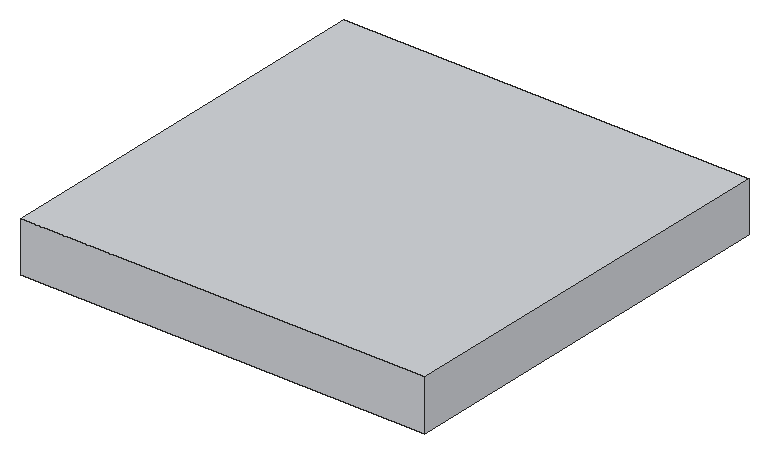
Revit family "Sanitary_Toilet-Seats_DELABIE_102839-Slimline-toilet-seat-lid postraitement", category Appareils sanitaires, Revit 2018
Family settings
  Hôte = Face
  Cote de connecteur circulaire = Utiliser le diamètre
  Type d'élément = Normal
  Couper avec des vides une fois chargée = Non
  Partagée = Non
  Point de calcul de pièce = Non
Parameters
  Default Elevation = 1219.2 mm
Reference planes
  plane 1 "Centre (avant/arrière)": y = 0
  plane 2: z = 0
  plane 3 "Centre (gauche/droite)": x = 0
Forms (mm)
  Extrusion 1, solid
    sketch origin (0, 0, 0) x (1, 0, 0) y (0, 1, 0)
      loop
        line (-1219.2, 1219.2) -> (-1219.2, -1219.2) -> (1219.2, -1219.2) -> (1219.2, 1219.2) -> (-1219.2, 1219.2)
    from 0 to -304.8
Dimensions and locks
  aligned and locked: plane 2 to Extrusion 1
  aligned and locked: level to Extrusion 1
Nested families
  nested 1: "Sanitary_Toilet-Seats_DELABIE_102839-Slimline-toilet-seat-lid" at (0, 0, 0), type "Default"
Definition of nested family "Sanitary_Toilet-Seats_DELABIE_102839-Slimline-toilet-seat-lid"
  Parameters (values of type "Default")
    Youtube clip = ""
    Uniformat II Description = ""
    Uniformat II Code = ""
    Uniclass 2015 Name = "Toilets"
    Uniclass 2015 Code = "SL_35_80_89"
    Uniclass 2.0 Description = ""
    Uniclass 2.0 Code = ""
    Uniclass 1.4 Description = "Toilets"
    Uniclass 1.4 Code = "L7216"
    UNSPSC Code = "301815"
    Technical description = "https://www.delabie.com/products/102839"
    Region South America = "AR, BO, BR, CL, CO, EC, FK, GF, GY, PE, PY, SR, UY, VE"
    Region Oceania = "AU, FJ, NC, NZ, PG, SB, TL, VU"
    Region North America = "BS, BZ, CA, CR, CU, DO, GL, GT, HN, HT, JM, MX, NI, PA, PR, SV, TT, US"
    Region Middle East = "AE, AF, EG, IL, IQ, IR, JO, KW, LB, OM, PS, QA, SA, SY, TR, YE"
    Region Europe = "AL, AT, BA, BE, BG, BY, CH, CY, CZ, DE, DK, EE, ES, FI, FR, GB, GR, HR, HU, IE, IS, IT, LT, LU, LV, MD, ME, MK, NL, NO, PL, PT, RO, RS, RU, SE, SI, SJ, SK, UA"
    Region Asia = "AM, AZ, BD, BN, BT, CN, GE, ID, IN, JP, KG, KH, KP, KR, KZ, LA, LK, MM, MN, MY, NP, PH, PK, TH, TJ, TM, TW, UZ, VN"
    Region Antarctica = "TF"
    Region Africa = "AO, BF, BI, BJ, BW, CD, CF, CG, CI, CM, DJ, DZ, EH, ER, ET, GA, GH, GM, GN, GQ, GW, KE, LR, LS, LY, MA, MG, ML, MR, MW, MZ, NA, NE, NG, RW, SD, SL, SN, SO, SS, SZ, TD, TG, TN, TZ, UG, ZA, ZM, ZW"
    QR code = "http://bimobject.com/delabie/product/102839"
    Product url = "https://www.delabie.com/products/102839"
    Product name = "102839 Slimline toilet seat lid"
    Product group = "WC pan"
    Product family = "Sanitary"
    Product data url = "https://bimobject.com/delabie/product/102839"
    Product certification = ""
    Product SKU = "102839"
    Product Guid = "ea108d7a-083e-448f-9699-b871f91b7338"
    OmniClass Description = "Toilets"
    OmniClass Code = "23-31 19 00"
    NBS Reference Description = ""
    NBS Reference Code = ""
    Material secondary = ""
    Material main = ""
    Masterformat 2014 Description = "Toilet Accessories"
    Masterformat 2014 Code = "10 28 13"
    Manufacturer name = "DELABIE"
    Manufacturer country = ""
    Installation instructions = ""
    IFC Classification = "Sanitary Terminal"
    GTIN code = "https://3456330179867"
    Edition number = 1
    Design country = "France"
    Date of publishing = ""
    COBIe Type Category = ""
    Brand url = "http://www.delabie.com"
    BOS_1_Visibility = yes
    BOS_1_Material = none
    BOS_0_Visibility = yes
    BOS_0_Material = none
    BIMobject main category code = "sanitary"
    BIMobject main category = "Sanitary"
    BIMobject category code = "sanitary-toilet-seats"
    BIMobject category = "Toilet Seats"
  Reference planes
    plane 1 "Center (Front/Back)": y = 0
    plane 2: z = 0
    plane 3 "Center (Left/Right)": x = 0
  Dimensions and locks
    aligned and locked: level to plane 2
  Imported bodies without a history: 1
